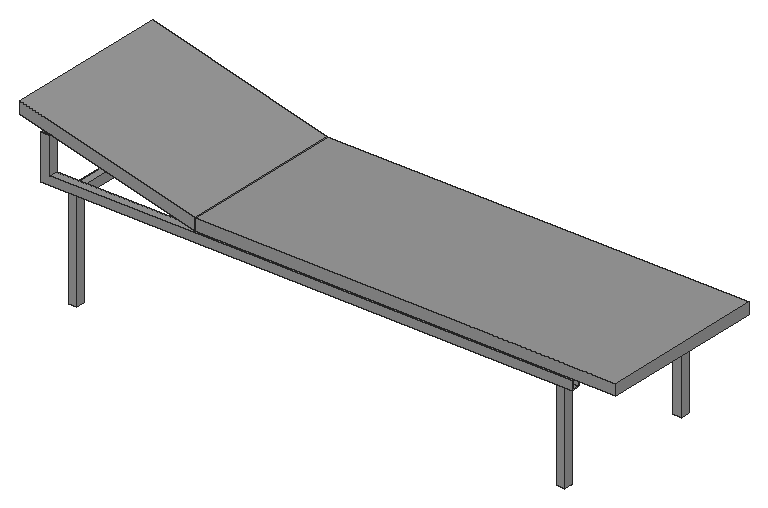
Revit family "AVLN_Кушетка", category Мебель, Revit 2019
Family settings
  Номер OmniClass = 23.40.20.00
  Заголовок OmniClass = General Furniture and Specialties
  На основе рабочей плоскости = Нет
  Всегда вертикально = Да
  При загрузке вырезать с полостями = Нет
  Общий = Нет
  Точка расчета площади = Нет
Parameters (values of type "Кушетка медицинская смотровая")
  Описание = "Стол первязочный с регулировкой по высоте на гидравлическом приводе, регулировка наклона секций на пневмопружинах, 2050х570х870"
  Материал сиденья = Полотно, бежевое
  Материал каркаса = Сталь, гальванизированная
  Type Comments = ""
  Keynote = ""
  Manufacturer = ""
  Группа модели = "Оборудование поликлиники"
  ADSK_Размер_Ширина = 570 mm
  ADSK_Размер_Длина = 2050 mm
  ADSK_Размер_Высота = 550 mm
  ADSK_Обозначение = ""
  ADSK_Масса = 0
  ADSK_Код изделия = ""
  ADSK_Единица измерения = "шт"  # constant formula
Types (2, lengths in mm): name | ADSK_Размер_Ширина | ADSK_Размер_Длина
  (no name) | 622 | 1900
  Кушетка медицинская смотровая | 570 | 2050
Reference planes
  plane 1 "По центру (Вперед/Назад)": y = 0
  plane 2: z = 0
  plane 3 "По центру (Влево/Вправо)": x = 0
  plane 4: z = 550
  plane 5: y = 285
  plane 6: x = 1025
  plane 7: x = -1025
  plane 8: y = -285
  plane 9: x = -425
Forms (mm)
  Extrusion 1, solid, material "Полотно, бежевое" <- "Материал сиденья"
    sketch origin (0, -518.993, 501.192) x (-1, 0, 0) y (0, -1, 0)
      loop
        line (425, -803.993) -> (425, -233.993) -> (-1025, -233.993) -> (-1025, -803.993) -> (425, -803.993)
    from -141.192 to -101.192
  Extrusion 2, solid, material "Полотно, бежевое" <- "Материал сиденья"
    sketch origin (0, 0, 0) x (1, 0, 0) y (0, 0, 1)
      loop
        line (-425, 400) -> (-1025, 550) -> (-1025, 510) -> (-425, 360) -> (-425, 400)
    from -285 to 285
  Sweep 3, solid, material "Сталь, гальванизированная" <- "Материал каркаса"
    path origin (0, 0, 0) x (0, 1, 0) y (0, 0, 1)
      loop
        line (265, 0) -> (265, 360) -> (-265, 360) -> (-265, 0)
    profile origin (0, 265, 180) x (0, -1, 0) y (1, 0, 0)
      loop
        line (0, 805) -> (30, 805) -> (30, 835) -> (0, 835) -> (0, 805)
      loop
        line (1.847, 806.271) -> (28.616, 806.271) -> (28.616, 833.499) -> (1.847, 833.499) -> (1.847, 806.271)
  Sweep 4, solid, material "Сталь, гальванизированная" <- "Материал каркаса"
    path origin (-1680, 0, -30) x (0, 1, 0) y (0, 0, 1)
      loop
        line (265, 0) -> (265, 360) -> (-265, 360) -> (-265, 0)
    profile origin (-1680, 265, 150) x (0, -1, 0) y (1, 0, 0)
      loop
        line (0, 805) -> (30, 805) -> (30, 835) -> (0, 835) -> (0, 805)
      loop
        line (1.847, 806.271) -> (28.616, 806.271) -> (28.616, 833.499) -> (1.847, 833.499) -> (1.847, 806.271)
  Sweep 5, solid, material "Сталь, гальванизированная" <- "Материал каркаса"
    path origin (0, 0, 0) x (1, 0, 0) y (0, 0, 1)
      loop
        line (880, 360) -> (-845, 360) -> (-845, 483.75)
    profile origin (17.5, 0, 360) x (0, 0, -1) y (0, -1, 0)
      loop
        line (0, -291) -> (30, -291) -> (30, -261) -> (0, -261) -> (0, -291)
      loop
        line (1.847, -289.175) -> (28.616, -289.175) -> (28.616, -262.905) -> (1.847, -262.905) -> (1.847, -289.175)
  Sweep 6, solid, material "Сталь, гальванизированная" <- "Материал каркаса"
    path origin (0, -552, 0) x (1, 0, 0) y (0, 0, 1)
      loop
        line (880, 360) -> (-920, 360) -> (-920, 483.75)
    profile origin (-20, -552, 360) x (0, 0, -1) y (0, -1, 0)
      loop
        line (0, -291) -> (30, -291) -> (30, -261) -> (0, -261) -> (0, -291)
      loop
        line (1.847, -289.175) -> (28.616, -289.175) -> (28.616, -262.905) -> (1.847, -262.905) -> (1.847, -289.175)
Dimensions and locks
  plane 2 to plane 4 = 550 mm
  equal spacing: plane 8, plane 1 "По центру (Вперед/Назад)", plane 5
  equal spacing: plane 7, plane 3 "По центру (Влево/Вправо)", plane 6
  "ADSK_Размер_Длина": plane 7 to plane 6
  "ADSK_Размер_Ширина": plane 5 to plane 8
  "ADSK_Размер_Высота": plane 2 to plane 4
  plane 7 to plane 9 = 600 mm
  Extrusion 1 to Extrusion 1 to plane 4 = 40 mm locked, 150 mm locked
  aligned and locked: level to plane 2
  aligned and locked: Extrusion 1 sketch curve to plane 5
  aligned and locked: plane 9 to Extrusion 1 sketch curve
  aligned and locked: plane 8 to Extrusion 1 sketch curve
  aligned and locked: Extrusion 1 sketch curve to plane 6
  aligned and locked: plane 9 to Extrusion 2
  aligned and locked: plane 5 to Extrusion 2
  aligned and locked: Extrusion 2 to plane 8
  aligned and locked: Extrusion 2 to plane 7
  aligned and locked: level to Sweep 3 sketch curve  (x2)
  aligned and locked: Extrusion 1 to Sweep 3 sketch curve
  aligned and locked: Extrusion 1 to Sweep 5 sketch curve
  aligned and locked: Sweep 4 to Sweep 5 sketch curve
Automatic sketch dimensions
  Extrusion 2 sketch curve to plane 4 = 0 mm
  Extrusion 2 sketch curve to plane 7 = 0 mm
  Extrusion 2 sketch curve to plane 9 = 0 mm
  plane 4 to Extrusion 2 sketch curve = 40 mm
  plane 4 to Extrusion 2 sketch curve = 150 mm
  Extrusion 2 sketch curve to Extrusion 2 sketch curve = 40 mm
  plane 8 to Sweep 3 sketch curve = 20 mm
  Sweep 3 sketch curve to plane 5 = 20 mm
  Sweep 3 sketch curve to profile plane = 0 mm
  Sweep 3 sketch curve to profile plane = 1.847 mm
  Sweep 3 sketch curve to Sweep 3 sketch curve = 26.769 mm
  Sweep 3 sketch curve to Sweep 3 sketch curve = 1.384 mm
  plane 3 "По центру (Влево/Вправо)" to Sweep 3 sketch curve = 805 mm
  Sweep 3 sketch curve to Sweep 3 sketch curve = 1.271 mm
  Sweep 3 sketch curve to Sweep 3 sketch curve = 27.228 mm
  Sweep 3 sketch curve to Sweep 3 sketch curve = 1.501 mm
  Sweep 4 sketch curve to level = 30 mm  (x2)
  plane 8 to Sweep 4 sketch curve = 20 mm
  Sweep 4 sketch curve to plane 5 = 20 mm
  plane 4 to Sweep 4 sketch curve = 220 mm
  Sweep 4 sketch curve to profile plane = 0 mm
  Sweep 4 sketch curve to profile plane = 1.847 mm
  Sweep 4 sketch curve to Sweep 4 sketch curve = 26.769 mm
  Sweep 4 sketch curve to Sweep 4 sketch curve = 1.384 mm
  profile plane to Sweep 4 sketch curve = 805 mm
  Sweep 4 sketch curve to Sweep 4 sketch curve = 1.271 mm
  Sweep 4 sketch curve to Sweep 4 sketch curve = 27.228 mm
  Sweep 4 sketch curve to Sweep 4 sketch curve = 1.501 mm
  Sweep 5 sketch curve to plane 6 = 145 mm
  plane 4 to Sweep 5 sketch curve = 66.25 mm
  Sweep 5 sketch curve to profile plane = 0 mm
  Sweep 5 sketch curve to profile plane = 1.847 mm
  Sweep 5 sketch curve to Sweep 5 sketch curve = 26.769 mm
  Sweep 5 sketch curve to Sweep 5 sketch curve = 1.384 mm
  Sweep 5 sketch curve to plane 1 "По центру (Вперед/Назад)" = 291 mm
  Sweep 5 sketch curve to Sweep 5 sketch curve = 1.825 mm
  Sweep 5 sketch curve to Sweep 5 sketch curve = 26.27 mm
  Sweep 5 sketch curve to Sweep 5 sketch curve = 1.905 mm
  plane 7 to Sweep 6 sketch curve = 105 mm
  plane 4 to Sweep 6 sketch curve = 190 mm
  Sweep 6 sketch curve to plane 6 = 145 mm
  plane 4 to Sweep 6 sketch curve = 66.25 mm
  Sweep 6 sketch curve to profile plane = 0 mm
  Sweep 6 sketch curve to profile plane = 1.847 mm
  Sweep 6 sketch curve to Sweep 6 sketch curve = 26.769 mm
  Sweep 6 sketch curve to Sweep 6 sketch curve = 1.384 mm
  Sweep 6 sketch curve to profile plane = 291 mm
  Sweep 6 sketch curve to Sweep 6 sketch curve = 1.825 mm
  Sweep 6 sketch curve to Sweep 6 sketch curve = 26.27 mm
  Sweep 6 sketch curve to Sweep 6 sketch curve = 1.905 mm
